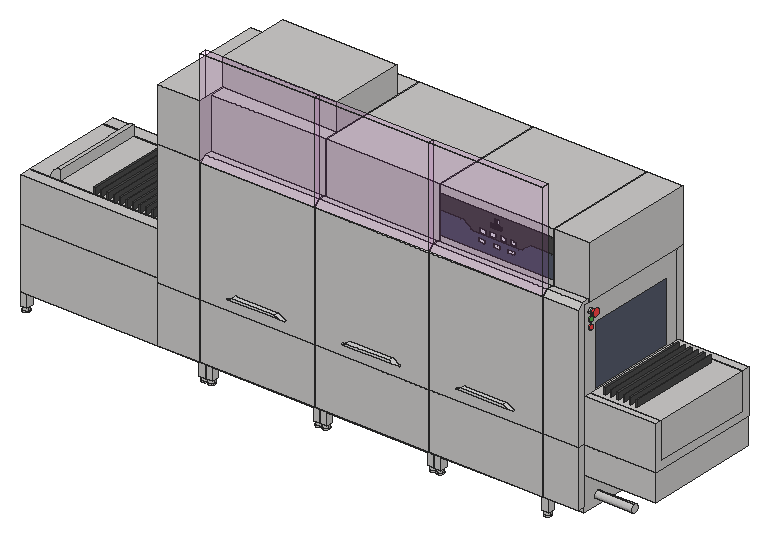
Revit family "QF_ELECTROLUXPROFESSIONAL_520706_EFTD052EL1U2D1M5R385", category Attrezzature speciali, Revit 2020
Family settings
  Quota connettore circolare = Usa diametro
  Tipo di parte = Normale
  Basato su piano di lavoro = No
  Sempre verticale = Sì
  Taglio con vuoti quando caricato = No
  Condiviso = No
  Punto di calcolo locali = No
Parameters (values of type "Standard")
  Weight = 890.00 kg
  Watts = 46500 W
  Volts = 380 V
  URL Manufacturer = "https://www.electroluxprofessional.com/"
  URL = "https://www.electroluxprofessional.com/"
  Steam Supply Size = 0 mm
  Steam Supply Minimum Pressure = 0.0 Pa
  Steam Supply Maximum Pressure = 0.0 Pa
  Steam Consumption per Hour = 0
  Show Logo [instance] = yes
  Show Clearance [instance] = yes
  Refrigeration Suction Line Size = 0 mm
  Refrigeration Liquid Line Size = 0 mm
  Refrigerant Compressor Remote = yes
  Prospetto di default = 0 mm
  Produttore = "Electrolux Professional"
  Phase = 3
  Modello = "EFTD052EL1U2D1M5R385"
  Length Actual = 4450 mm  # constant formula
  Item Number = "520706"
  Hot Water Size = 0 mm
  Height Actual = 1983 mm  # constant formula
  HP = "62.4 HP"
  Gas Size = 0 mm
  Gas KW = 0
  Gas Input Pressure = 0 W
  Direct Waste Size = 50.8 mm
  Descrizione = "FT, 1Tank, 5200D/H, El., 750mm loading, 1300mm unloading, 1Dryer, 55mm conveyor,R>L,380V50Hz3P"
  Depth Actual = 946 mm  # constant formula
  Cycle = 50 Hz
  Condensate Return Size = 0 mm
  Compressed Air Volume = 0.0 L/s
  Compressed Air Size = 0 mm
  Compressed Air Pressure = 0.0 Pa
  Cold Water Size = 0 mm
  Accessory = yes
Reference planes
  plane 1 "Centro (Fronte/Retro)": y = 0
  plane 2: z = 0
  plane 3 "Centro (Sinistra/Destra)": x = 0
  plane 4: z = 115
Forms (mm)
  Extrusion 1, solid, material "QF_Finishes_Stainless Steel"
    sketch origin (2582.404, 2, 1806.023) x (1, 0, 0) y (0, 0, 1)
      loop
        line (407.596, -163.023) -> (407.596, -183.023) -> (427.596, -183.023) -> (427.596, -163.023) -> (407.596, -163.023)
    from 0 to 2
  Extrusion 2, solid, material "QF_Finishes_Stainless Steel"
    sketch origin (-5.617, 22.464, 1290.159) x (0, 0, -1) y (0, 1, 0)
      loop
        circle (1102.159, -772.464) r 25
    from -9.383 to 5.617
  Extrusion 3, solid, material "QF_Finishes_Stainless Steel"
    sketch origin (3242.404, 2, 337.984) x (1, 0, 0) y (0, 0, 1)
      loop
        line (407.596, -163.023) -> (407.596, -183.023) -> (427.596, -183.023) -> (427.596, -163.023) -> (407.596, -163.023)
    from 0 to 2
  Extrusion 4, solid, material "QF_Finishes_Stainless Steel"
    sketch origin (647.841, 200.464, 109.383) x (1, 0, 0) y (0, 1, 0)
      loop
        circle (1102.159, -772.464) r 10
    from -9.383 to 5.617
  Extrusion 5, solid, material "QF_Finishes_Stainless Steel"
    sketch origin (718.841, 200.464, 109.383) x (1, 0, 0) y (0, 1, 0)
      loop
        circle (1102.159, -772.464) r 10
    from -9.383 to 5.617
  Extrusion 6, solid, material "QF_Finishes_Stainless Steel"
    sketch origin (4205.617, -1522.464, 1290.159) x (0, 0, -1) y (0, -1, 0)
      loop
        circle (1102.159, -772.464) r 25
    from -9.383 to 255.617
Dimensions and locks
  plane 4 to level = 115 mm
  aligned and locked: level to plane 2
Nested families
  nested 1: "MODULO_CENTER_800_FAN" at (1683.563, -388.258, 0), Show Clearance <- "Show Clearance", type "MODULO_CENTER_800_FAN"
    with Show Logo yes, Show Clearance yes, R_L no, L_R yes
  nested 2: "MODULO_CENTER_800" at (3283.563, -388.258, 0), Show Clearance <- "Show Clearance", type "MODULO_CENTER_800"
    with Show Logo yes, Show Clearance yes, R_L no, L_R yes
  nested 3: "MODULO_ENTRY_DISH_750" at (4091.437, -523.742, 0) x (-1, 0, 0) z (0, 0, 1), type "MODULO_ENTRY_DISH_750"
    with Show Logo yes, Show Clearance yes, R_L yes, L_R no
  nested 4: "MODULO_USCITA_DISH_1300" at (941.437, -523.742, 0) x (-1, 0, 0) z (0, 0, 1), type "MODULO_USCITA_DISH_1300"
    with Show Logo yes, Show Clearance yes, R_L yes, L_R no
  nested 5: "Piedino_Square_115H" at (23.5, -838.5, 0), type "Piedino_Square_115H"
  nested 6: "Piedino_Square_115H" at (23.5, -73.5, 0), type "Piedino_Square_115H"
  nested 7: "Piedino_Square_115H" at (1276.5, -838.5, 0), type "Piedino_Square_115H"
  nested 8: "Piedino_Square_115H" at (1276.5, -73.5, 0), type "Piedino_Square_115H"
  nested 9: "Piedino_Square_115H" at (1323.5, -838.5, 0), type "Piedino_Square_115H"
  nested 10: "Piedino_Square_115H" at (1323.5, -73.5, 0), type "Piedino_Square_115H"
  nested 11: "Piedino_Square_115H" at (2076.5, -838.5, 0), type "Piedino_Square_115H"
  nested 12: "Piedino_Square_115H" at (2076.5, -73.5, 0), type "Piedino_Square_115H"
  nested 13: "Piedino_Square_115H" at (2123.5, -838.5, 0) x (-1, 0, 0) z (0, 0, 1), type "Piedino_Square_115H"
  nested 14: "Piedino_Square_115H" at (2123.5, -73.5, 0) x (-1, 0, 0) z (0, 0, 1), type "Piedino_Square_115H"
  nested 15: "Piedino_Square_115H" at (2876.5, -838.5, 0) x (-1, 0, 0) z (0, 0, 1), type "Piedino_Square_115H"
  nested 16: "Piedino_Square_115H" at (2876.5, -73.5, 0) x (-1, 0, 0) z (0, 0, 1), type "Piedino_Square_115H"
  nested 17: "Piedino_Square_115H" at (2923.5, -838.5, 0), type "Piedino_Square_115H"
  nested 18: "Piedino_Square_115H" at (2923.5, -73.5, 0), type "Piedino_Square_115H"
  nested 19: "Piedino_Square_115H" at (3676.5, -838.5, 0), type "Piedino_Square_115H"
  nested 20: "Piedino_Square_115H" at (3676.5, -73.5, 0), type "Piedino_Square_115H"
  nested 21: "MANIGLIA_FLIGHT_400" at (3300, -912, 639.28) x (1, 0, 0) z (0, -1, 0), type "MANIGLIA_FLIGHT_400"
  nested 22: "MANIGLIA_FLIGHT_400" at (2500, -912, 639.28) x (1, 0, 0) z (0, -1, 0), type "MANIGLIA_FLIGHT_400"
  nested 23: "MANIGLIA_FLIGHT_400" at (1700, -912, 639.28) x (1, 0, 0) z (0, -1, 0), type "MANIGLIA_FLIGHT_400"
  nested 24: "Schermo_Flight_800" at (3300, -815, 1583) x (1, 0, 0) z (0, -1, 0), type "Schermo_Flight_800"
  nested 25: "ELX_LOGO_WORDS_WHITE" at (3300, -816.6, 1663) x (1, 0, 0) z (0, -1, 0), Show Logo <- "Show Logo", visible <- "Show Logo", type "ELX_LOGO_WORDS_WHITE"
    with Show Logo yes
  nested 26: "ELX_LOGO_MONO_SMALL_WHITE" at (3290.08, -816.6, 1649) x (-1, 0, 0) z (0, -1, 0), Show Logo <- "Show Logo", visible <- "Show Logo", type "ELX_LOGO_MONO_SMALL_WHITE"
    with Show Logo yes
  nested 27: "MODULO_CENTER_800" at (2516.437, -388.258, 0) x (-1, 0, 0) z (0, 0, 1), Show Clearance <- "Show Clearance", type "MODULO_CENTER_800"
    with Show Logo yes, Show Clearance yes, R_L no, L_R yes
Connectors
  electrical at (3000, 2, 1633)
    settings: on Extrusion 1, index 69, voltage 0 V, apparent load 0 VA, apparent load phase1 0 VA, apparent load phase2 0 VA, apparent load phase3 0 VA, power factor 1, load classification "Altro", number of poles 1, system type 30, power factor state 1, is connector primary yes, connector utility no, sub classification motor no, connector description "EI"
  piping at (-15, -750, 188), diameter 50
    settings: on Extrusion 2, index 70, connector inside diameter 609.6 mm, connector length 0 mm, flow factor 0, pipe flow 0.0 L/s, pressure drop 0.0 Pa, fitting loss kfactor 0, connector angle 0.00°, fixture units 0, engagement length 0 mm, angle of deflection 0.00°, flow configuration 0, flow direction 0, fitting loss method 0, system type 29, joint type 0, gender type 0, connector reference index -1, connector utility 0, adjustable connector no, is connector primary yes, connector description "D"
  electrical at (3660, 2, 164.961)
    settings: on Extrusion 3, index 71, voltage 0 V, apparent load 0 VA, apparent load phase1 0 VA, apparent load phase2 0 VA, apparent load phase3 0 VA, power factor 1, load classification "Altro", number of poles 1, system type 30, power factor state 1, is connector primary no, connector utility no, sub classification motor no, connector description "EQ"
  piping at (1750, -572, 100), diameter 19.1
    settings: on Extrusion 4, index 72, connector inside diameter 609.6 mm, connector length 0 mm, flow factor 0, pipe flow 0.0 L/s, pressure drop 0.0 Pa, fitting loss kfactor 0, connector angle 0.00°, fixture units 0, engagement length 0 mm, angle of deflection 0.00°, flow configuration 0, flow direction 0, fitting loss method 0, system type 29, joint type 0, gender type 0, connector reference index -1, connector utility 0, adjustable connector no, is connector primary no, connector description "HWI/CWI"
  piping at (1821, -572, 100), diameter 19.1
    settings: on Extrusion 5, index 73, connector inside diameter 609.6 mm, connector length 0 mm, flow factor 0, pipe flow 0.0 L/s, pressure drop 0.0 Pa, fitting loss kfactor 0, connector angle 0.00°, fixture units 0, engagement length 0 mm, angle of deflection 0.00°, flow configuration 0, flow direction 0, fitting loss method 0, system type 29, joint type 0, gender type 0, connector reference index -1, connector utility 0, adjustable connector no, is connector primary no, connector description "HWI/CWI"
  piping at (4215, -750, 188), diameter 50
    settings: on Extrusion 6, index 74, connector inside diameter 609.6 mm, connector length 0 mm, flow factor 0, pipe flow 0.0 L/s, pressure drop 0.0 Pa, fitting loss kfactor 0, connector angle 0.00°, fixture units 0, engagement length 0 mm, angle of deflection 0.00°, flow configuration 0, flow direction 0, fitting loss method 0, system type 29, joint type 0, gender type 0, connector reference index -1, connector utility 0, adjustable connector no, is connector primary no, connector description ""
Definition of nested family "MODULO_CENTER_800_FAN"
  Parameters (values of type "MODULO_CENTER_800_FAN")
    URL = "http://professional.electrolux.com"
    Show Logo [instance] = yes
    R_L [instance] = not(L_R)  # no
    Default Elevation = 0 mm
    Manufacturer = "Electrolux"
    Model = "ESR10E5"
    Length Actual = 800 mm
    Show Clearance [instance] = yes
    L_R [instance] = yes
    Height Actual = 1792 mm
    Description = "SINGLE RINSE RT, 100R/H, ELECTRIC 50HZ"
    Depth Actual = 912 mm
  Reference planes
    plane 1 "Center X": y = -67.742
    plane 2: z = 0
    plane 3 "LEFT": x = -383.563
    plane 4 "RIGHT": x = 416.437
    plane 5 "BACK": y = 388.258
    plane 6 "FEET": z = 115
    plane 7: z = 2092
    plane 8 "TOP": z = 1792
    plane 9 "FRONT": y = -523.742
    plane 10 "Left/Right": x = 16.437
    plane 11 "TopVent": z = 1983
  Forms (mm)
    Extrusion 1, solid
      sketch origin (416.437, 479.936, 4000) x (0, 1, 0) y (0, 0, 1)
        loop
          line (-91.678, -2208) -> (-906.678, -2208) -> (-906.678, -2580) -> (-91.678, -2580) -> (-91.678, -2208)
      from -800 to 0
    Extrusion 2, solid
      sketch origin (-383.563, 437.565, 3910) x (0, 1, 0) y (0, 0, 1)
        loop
          line (-99.307, -2490) -> (-911.307, -2490) -> (-911.307, -3552) -> (-99.307, -3552) -> (-99.307, -2490)
      from 800 to 0
    Extrusion 3, solid
      sketch origin (416.437, 479.936, 4299) x (0, 1, 0) y (0, 0, 1)
        loop
          line (-278.21, -2316) -> (-803.678, -2316) -> (-803.678, -2507) -> (-278.21, -2507) -> (-278.21, -2316)
      from -800 to 0
    Extrusion 4, solid
      sketch origin (16.437, 0, 1.5) x (0, 0, 1) y (0, -1, 0)
        loop
          line (356.5, -338.258) -> (356.5, 473.742) -> (113.5, 473.742) -> (113.5, -338.258) -> (356.5, -338.258)
      from 400 to -400
    Extrusion 5, solid
      sketch origin (16.437, 0, 0) x (0, 0, 1) y (0, -1, 0)
        loop
          line (1420, -338.258) -> (545, -338.258) -> (545, -388.258) -> (1420, -388.258) -> (1420, -338.258)
      from -400 to 400
    Extrusion 6, solid
      sketch origin (16.437, 0, 0) x (0, 0, 1) y (0, -1, 0)
        loop
          line (545, -388.258) -> (545, -338.258) -> (154, -338.258) -> (154, -388.258) -> (545, -388.258)
      from -400 to 400
    Extrusion 7, solid
      sketch origin (16.437, -882.484, -150) x (0, -1, 0) y (0, 0, 1)
        loop
          line (-358.742, 304) -> (-358.742, 695) -> (-408.742, 695) -> (-408.742, 304) -> (-358.742, 304)
      from -400 to 400
    Extrusion 8, solid
      sketch origin (16.437, -882.484, -151) x (0, -1, 0) y (0, 0, 1)
        loop
          line (-408.742, 1571) -> (-408.742, 696) -> (-358.742, 696) -> (-358.742, 1556) -> (-395.742, 1593) -> (-443.742, 1593) -> (-443.742, 1571) -> (-408.742, 1571)
      from -400 to 400
    Extrusion 9, solid, visible <- "Show Clearance"
      sketch origin (16.437, -882.484, 452) x (0, -1, 0) y (0, 0, 1)
        loop
          line (-408.742, 1640) -> (-408.742, 953.624) -> (-358.742, 953.624) -> (-358.742, 1640) -> (-408.742, 1640)
      from -400 to 400
  Dimensions and locks
    plane 3 "LEFT" to plane 4 "RIGHT" = 800 mm
    plane 5 "BACK" to plane 1 "Center X" to plane 9 "FRONT" = 456 mm, 456 mm
    plane 6 "FEET" to level = 115 mm  (x2)
    plane 6 "FEET" to plane 8 "TOP" = 1677 mm
    plane 5 "BACK" to plane 9 "FRONT" = 912 mm  (x2)
    plane 4 "RIGHT" to plane 3 "LEFT" = 800 mm
    plane 9 "FRONT" to plane 5 "BACK" = 912 mm
    level to plane 8 "TOP" = 1792 mm  (x2)
    plane 7 to level = 2092 mm
    plane 11 "TopVent" to plane 2 = 1983 mm
    plane 7 to plane 2 = 2092 mm
    Extrusion 2 to level = 1420 mm
    Extrusion 8 to level = 1442 mm
    plane 11 "TopVent" to level = 1983 mm
    aligned and locked: level to plane 2
Definition of nested family "MODULO_CENTER_800"
  Parameters (values of type "MODULO_CENTER_800")
    URL = "http://professional.electrolux.com"
    Show Logo [instance] = yes
    R_L [instance] = not(L_R)  # no
    Default Elevation = 0 mm
    Manufacturer = "Electrolux"
    Model = "ESR10E5"
    Length Actual = 800 mm
    Show Clearance [instance] = yes
    L_R [instance] = yes
    Height Actual = 1792 mm
    Description = "SINGLE RINSE RT, 100R/H, ELECTRIC 50HZ"
    Depth Actual = 912 mm
  Reference planes
    plane 1 "Center X": y = -67.742
    plane 2: z = 0
    plane 3 "LEFT": x = -383.563
    plane 4 "RIGHT": x = 416.437
    plane 5 "BACK": y = 388.258
    plane 6 "FEET": z = 115
    plane 7: z = 2092
    plane 8 "TOP": z = 1792
    plane 9 "FRONT": y = -523.742
    plane 10 "Left/Right": x = 16.437
  Forms (mm)
    Extrusion 1, solid
      sketch origin (416.437, 479.936, 4000) x (0, 1, 0) y (0, 0, 1)
        loop
          line (-91.678, -2208) -> (-906.678, -2208) -> (-906.678, -2580) -> (-91.678, -2580) -> (-91.678, -2208)
      from -800 to 0
    Extrusion 2, solid
      sketch origin (-383.563, 437.565, 3915) x (0, 1, 0) y (0, 0, 1)
        loop
          line (-99.307, -2495) -> (-911.307, -2495) -> (-911.307, -3557) -> (-99.307, -3557) -> (-99.307, -2495)
      from 800 to 0
    Extrusion 3, solid
      sketch origin (16.437, 0, 1.5) x (0, 0, 1) y (0, -1, 0)
        loop
          line (356.5, -338.258) -> (356.5, 473.742) -> (113.5, 473.742) -> (113.5, -338.258) -> (356.5, -338.258)
      from 400 to -400
    Extrusion 4, solid
      sketch origin (16.437, 0, 0) x (0, 0, 1) y (0, -1, 0)
        loop
          line (1420, -338.258) -> (545, -338.258) -> (545, -388.258) -> (1420, -388.258) -> (1420, -338.258)
      from -400 to 400
    Extrusion 5, solid
      sketch origin (16.437, 0, 0) x (0, 0, 1) y (0, -1, 0)
        loop
          line (545, -388.258) -> (545, -338.258) -> (154, -338.258) -> (154, -388.258) -> (545, -388.258)
      from -400 to 400
    Extrusion 6, solid
      sketch origin (16.437, -882.484, -150) x (0, -1, 0) y (0, 0, 1)
        loop
          line (-358.742, 304) -> (-358.742, 695) -> (-408.742, 695) -> (-408.742, 304) -> (-358.742, 304)
      from -400 to 400
    Extrusion 7, solid
      sketch origin (16.437, -882.484, -151) x (0, -1, 0) y (0, 0, 1)
        loop
          line (-408.742, 1571) -> (-408.742, 696) -> (-358.742, 696) -> (-358.742, 1556) -> (-395.742, 1593) -> (-443.742, 1593) -> (-443.742, 1571) -> (-408.742, 1571)
      from -400 to 400
    Extrusion 8, solid, visible <- "Show Clearance"
      sketch origin (16.437, -882.484, 452) x (0, -1, 0) y (0, 0, 1)
        loop
          line (-408.742, 1640) -> (-408.742, 953.624) -> (-358.742, 953.624) -> (-358.742, 1640) -> (-408.742, 1640)
      from -400 to 400
  Dimensions and locks
    plane 3 "LEFT" to plane 4 "RIGHT" = 800 mm
    plane 5 "BACK" to plane 1 "Center X" to plane 9 "FRONT" = 456 mm, 456 mm
    plane 6 "FEET" to level = 115 mm  (x2)
    plane 6 "FEET" to plane 8 "TOP" = 1677 mm
    plane 5 "BACK" to plane 9 "FRONT" = 912 mm  (x2)
    plane 4 "RIGHT" to plane 3 "LEFT" = 800 mm
    plane 9 "FRONT" to plane 5 "BACK" = 912 mm
    level to plane 8 "TOP" = 1792 mm  (x2)
    plane 7 to level = 2092 mm
    plane 7 to plane 2 = 2092 mm
    Extrusion 2 to level = 1420 mm
    Extrusion 7 to level = 1442 mm
    aligned and locked: level to plane 2
Definition of nested family "MODULO_ENTRY_DISH_750"
  Parameters (values of type "MODULO_ENTRY_DISH_750")
    URL = "http://professional.electrolux.com"
    Show Logo [instance] = yes
    R_L [instance] = not(L_R)  # no
    Default Elevation = 0 mm
    Manufacturer = "Electrolux"
    Model = "ESR10E5"
    Length Actual = 800 mm
    Show Clearance [instance] = yes
    L_R [instance] = yes
    Height Actual = 1792 mm
    Description = "SINGLE RINSE RT, 100R/H, ELECTRIC 50HZ"
    Depth Actual = 912 mm
  Reference planes
    plane 1 "Center (Front/Back)": y = -67.742
    plane 2: z = 0
    plane 3 "LEFT": x = -358.563
    plane 4 "RIGHT": x = 391.437
    plane 5 "BACK": y = 388.258
    plane 6 "FRONT": y = -523.742
    plane 7 "Left/Right": x = 16.437
    plane 8 "BUTTONS": y = -427.742
    plane 9: z = 115
    plane 10 "2": y = 292.258
  Forms (mm)
    Extrusion 1, solid, visible <- "L_R"
      sketch origin (391.437, 479.936, 4000) x (0, 1, 0) y (0, 0, 1)
        loop
          line (-91.678, -2208) -> (-906.678, -2208) -> (-906.678, -2580) -> (-91.678, -2580) -> (-91.678, -2208)
      from -250 to 0
    Extrusion 2, solid
      sketch origin (-358.563, 437.565, 3910) x (0, 1, 0) y (0, 0, 1)
        loop
          line (-99.307, -2490) -> (-911.307, -2490) -> (-911.307, -3552) -> (-99.307, -3552) -> (-99.307, -2490)
      from 750 to 500
    Extrusion 3, solid
      sketch origin (-358.563, 437.565, 3910) x (0, 1, 0) y (0, 0, 1)
        loop
          line (-99.307, -3365) -> (-99.307, -3060) -> (-149.307, -3060) -> (-149.307, -3315) -> (-861.307, -3315) -> (-861.307, -3060) -> (-911.307, -3060) -> (-911.307, -3365) -> (-99.307, -3365)
      from 500 to 0
    Extrusion 4, solid
      sketch origin (16.437, 0, -4.987) x (0, 0, 1) y (0, -1, 0)
        loop
          line (362.987, -338.258) -> (362.987, 473.742) -> (119.987, 473.742) -> (119.987, -338.258) -> (362.987, -338.258)
      from 375 to 125
    Extrusion 5, solid, visible <- "L_R"
      sketch origin (16.437, 0, 0) x (0, 0, 1) y (0, -1, 0)
        loop
          line (1420, -338.258) -> (545, -338.258) -> (545, -388.258) -> (1420, -388.258) -> (1420, -338.258)
      from 125 to 375
    Extrusion 6, solid
      sketch origin (16.437, 0, 0) x (0, 0, 1) y (0, -1, 0)
        loop
          line (545, -388.258) -> (545, -338.258) -> (154, -338.258) -> (154, -388.258) -> (545, -388.258)
      from 125 to 375
    Extrusion 7, solid
      sketch origin (-358.563, 437.565, 3607.258) x (0, 1, 0) y (0, 0, 1)
        loop
          line (-99.307, -3249.258) -> (-99.307, -3062.258) -> (-911.307, -3062.258) -> (-911.307, -3249.258) -> (-99.307, -3249.258)
      from 500 to 0
    Extrusion 8, solid
      sketch origin (-358.563, 437.565, 4000) x (0, 1, 0) y (0, 0, 1)
        loop
          line (-149.307, -3150) -> (-861.307, -3150) -> (-861.307, -3405) -> (-149.307, -3405) -> (-149.307, -3150)
      from 0 to 500
    Extrusion 9, solid
      sketch origin (266.437, -882.484, -150) x (0, -1, 0) y (0, 0, 1)
        loop
          line (-358.742, 304) -> (-358.742, 695) -> (-408.742, 695) -> (-408.742, 304) -> (-358.742, 304)
      from -125 to 125
    Extrusion 10, solid, visible <- "L_R"
      sketch origin (266.437, -882.484, -151) x (0, -1, 0) y (0, 0, 1)
        loop
          line (-408.742, 1571) -> (-408.742, 696) -> (-358.742, 696) -> (-358.742, 1556) -> (-395.742, 1593) -> (-443.742, 1593) -> (-443.742, 1571) -> (-408.742, 1571)
      from -125 to 125
    Extrusion 11, solid
      sketch origin (-358.563, 437.565, 4000) x (0, 1, 0) y (0, 0, 1)
        loop
          line (-199.307, -2725.701) -> (-811.307, -2725.701) -> (-811.307, -3137.701) -> (-199.307, -3137.701) -> (-199.307, -2725.701)
      from 495.458 to 500
    Extrusion 12, solid, visible <- "R_L"
      sketch origin (266.437, 747, -151) x (0, 1, 0) y (0, 0, -1)
        loop
          line (-408.742, -1571) -> (-443.742, -1571) -> (-443.742, -1593) -> (-395.742, -1593) -> (-358.742, -1556) -> (-358.742, -696) -> (-408.742, -696) -> (-408.742, -1571)
      from -125 to 125
    Extrusion 13, solid, visible <- "R_L"
      sketch origin (16.437, -135.484, 0) x (0, 0, 1) y (0, -1, 0)
        loop
          line (1420, 338.258) -> (1420, 388.258) -> (545, 388.258) -> (545, 338.258) -> (1420, 338.258)
      from 125 to 375
    Extrusion 14, solid, visible <- "R_L"
      sketch origin (391.437, -615.42, 4000) x (0, -1, 0) y (0, 0, -1)
        loop
          line (-91.678, 2208) -> (-91.678, 2580) -> (-906.678, 2580) -> (-906.678, 2208) -> (-91.678, 2208)
      from -250 to 0
    Extrusion 15, solid
      sketch origin (-191.477, -192.742, -3) x (-1, 0, 0) y (0, 0, 1)
        loop
          line (-26.676, 853) -> (-26.676, 898) -> (-36.676, 898) -> (-36.676, 853) -> (-26.676, 853)
      from -196 to 446
    Extrusion 16, solid
      sketch origin (-146.477, -192.742, -3) x (-1, 0, 0) y (0, 0, 1)
        loop
          line (-26.676, 853) -> (-26.676, 898) -> (-36.676, 898) -> (-36.676, 853) -> (-26.676, 853)
      from -196 to 446
    Extrusion 17, solid
      sketch origin (-101.477, -192.742, -3) x (-1, 0, 0) y (0, 0, 1)
        loop
          line (-26.676, 853) -> (-26.676, 898) -> (-36.676, 898) -> (-36.676, 853) -> (-26.676, 853)
      from -196 to 446
    Extrusion 18, solid
      sketch origin (-56.477, -192.742, -3) x (-1, 0, 0) y (0, 0, 1)
        loop
          line (-26.676, 853) -> (-26.676, 898) -> (-36.676, 898) -> (-36.676, 853) -> (-26.676, 853)
      from -196 to 446
    Extrusion 19, solid
      sketch origin (-11.477, -192.742, -3) x (-1, 0, 0) y (0, 0, 1)
        loop
          line (-26.676, 853) -> (-26.676, 898) -> (-36.676, 898) -> (-36.676, 853) -> (-26.676, 853)
      from -196 to 446
    Extrusion 20, solid
      sketch origin (33.523, -192.742, -3) x (-1, 0, 0) y (0, 0, 1)
        loop
          line (-26.676, 853) -> (-26.676, 898) -> (-36.676, 898) -> (-36.676, 853) -> (-26.676, 853)
      from -196 to 446
  Dimensions and locks
    plane 3 "LEFT" to plane 4 "RIGHT" = 750 mm
    plane 5 "BACK" to plane 1 "Center (Front/Back)" to plane 6 "FRONT" = 456 mm, 456 mm
    plane 5 "BACK" to plane 6 "FRONT" = 912 mm  (x2)
    plane 4 "RIGHT" to plane 3 "LEFT" = 750 mm  (x2)
    plane 6 "FRONT" to plane 5 "BACK" = 912 mm
    plane 9 to level = 115 mm
    Extrusion 1 to level = 1792 mm
    Extrusion 3 to level = 850 mm
    aligned and locked: level to plane 2
  Nested families
    nested 1: "BOTTONE_RED_STOP" at (141.437, -427.742, 1266.906) x (0, -1, 0) z (-1, 0, 0), visible <- "L_R", type "BOTTONE_RED_STOP"
    nested 2: "BOTTONE_EMERGENCY_STOP" at (141.437, -427.742, 1370) x (0, -1, 0) z (-1, 0, 0), visible <- "L_R", type "BOTTONE_EMERGENCY_STOP"
    nested 3: "BOTTONE_GREEN_START" at (141.437, -427.742, 1316.906) x (0, -1, 0) z (-1, 0, 0), visible <- "L_R", type "BOTTONE_GREEN_START"
    nested 4: "BOTTONE_RED_STOP" at (141.437, 292.258, 1267.906) x (0, 1, 0) z (-1, 0, 0), visible <- "R_L", type "BOTTONE_RED_STOP"
    nested 5: "BOTTONE_EMERGENCY_STOP" at (141.437, 292.258, 1371) x (0, 1, 0) z (-1, 0, 0), visible <- "R_L", type "BOTTONE_EMERGENCY_STOP"
    nested 6: "BOTTONE_GREEN_START" at (141.437, 292.258, 1317.906) x (0, 1, 0) z (-1, 0, 0), visible <- "R_L", type "BOTTONE_GREEN_START"
  Definition of nested family "BOTTONE_RED_STOP"
    Parameters (values of type "BOTTONE_RED_STOP")
      Default Elevation = 1219.2 mm
    Reference planes
      plane 1 "Centro (Fronte/Retro)": y = 0
      plane 2: z = 0
      plane 3 "Centro (Sinistra/Destra)": x = 0
    Forms (mm)
      Extrusion 1, solid
        sketch origin (0, 0, 0) x (1, 0, 0) y (0, 1, 0)
          loop
            line (-1219.2, 1219.2) -> (-1219.2, -1219.2) -> (1219.2, -1219.2) -> (1219.2, 1219.2) -> (-1219.2, 1219.2)
        from 0 to -304.8
      Extrusion 2, solid
        sketch origin (-367.513, 69.533, 15) x (-1, 0, 0) y (0, 1, 0)
          loop
            circle (-367.513, -69.533) r 15
        from 0 to 15
    Dimensions and locks
      aligned and locked: plane 2 to Extrusion 1
      aligned and locked: level to Extrusion 1
  Definition of nested family "BOTTONE_EMERGENCY_STOP"
    Parameters
      Default Elevation = 1219.2 mm
    Reference planes
      plane 1 "Centro (Fronte/Retro)": y = 0
      plane 2: z = 0
      plane 3 "Centro (Sinistra/Destra)": x = 0
    Forms (mm)
      Extrusion 1, solid
        sketch origin (0, 0, 0) x (1, 0, 0) y (0, 1, 0)
          loop
            line (-1219.2, 1219.2) -> (-1219.2, -1219.2) -> (1219.2, -1219.2) -> (1219.2, 1219.2) -> (-1219.2, 1219.2)
        from 0 to -304.8
      Extrusion 2, solid
        sketch origin (0, 0, 0) x (1, 0, 0) y (0, 1, 0)
          loop
            circle (0, 0) r 15
        from 0 to 20.273
      Blend 3, solid
        base sketch origin (-49.801, 0, 0) x (1, 0, 0) y (0, 1, 0)
          loop
            circle (49.801, 0) r 15
        top sketch origin (-49.801, 0, 0) x (1, 0, 0) y (0, 1, 0)
          loop
            circle (49.801, 0) r 25
        from 20.273 to 47.605
    Dimensions and locks
      aligned and locked: plane 2 to Extrusion 1
      aligned and locked: level to Extrusion 1
  Definition of nested family "BOTTONE_GREEN_START"
    Parameters (values of type "BOTTONE_GREEN_START")
      Default Elevation = 1219.2 mm
    Reference planes
      plane 1 "Centro (Fronte/Retro)": y = 0
      plane 2: z = 0
      plane 3 "Centro (Sinistra/Destra)": x = 0
    Forms (mm)
      Extrusion 1, solid
        sketch origin (0, 0, 0) x (1, 0, 0) y (0, 1, 0)
          loop
            line (-1219.2, 1219.2) -> (-1219.2, -1219.2) -> (1219.2, -1219.2) -> (1219.2, 1219.2) -> (-1219.2, 1219.2)
        from 0 to -304.8
      Extrusion 2, solid
        sketch origin (-367.513, 69.533, 15) x (-1, 0, 0) y (0, 1, 0)
          loop
            circle (-367.513, -69.533) r 15
        from 0 to 15
    Dimensions and locks
      aligned and locked: plane 2 to Extrusion 1
      aligned and locked: level to Extrusion 1
Definition of nested family "MODULO_USCITA_DISH_1300"
  Parameters (values of type "MODULO_USCITA_DISH_1300")
    URL = "http://professional.electrolux.com"
    Show Logo [instance] = yes
    R_L [instance] = not(L_R)  # yes
    Default Elevation = 0 mm
    Manufacturer = "Electrolux"
    Model = "ESR10E5"
    Length Actual = 800 mm
    Show Clearance [instance] = yes
    L_R [instance] = no
    Height Actual = 1792 mm
    Description = "SINGLE RINSE RT, 100R/H, ELECTRIC 50HZ"
    Depth Actual = 912 mm
  Reference planes
    plane 1 "Center (Front/Back)": y = -67.742
    plane 2: z = 0
    plane 3 "LEFT": x = -358.563
    plane 4 "BACK": y = 388.258
    plane 5 "FEET": z = 115
    plane 6 "TOP": z = 1792
    plane 7 "FRONT": y = -523.742
    plane 8 "Left/Right": x = 16.437
    plane 9: x = -358.563
    plane 10: y = -427.742
    plane 11 "RIGHT": x = 941.437
  Forms (mm)
    Extrusion 1, solid, visible <- "R_L"
      sketch origin (-358.563, 479.936, 4003) x (0, 1, 0) y (0, 0, -1)
        loop
          line (-91.678, 2211) -> (-91.678, 2583) -> (-906.678, 2583) -> (-906.678, 2211) -> (-91.678, 2211)
      from -300 to 0
    Extrusion 2, solid
      sketch origin (-358.563, 437.565, 4003) x (0, 1, 0) y (0, 0, 1)
        loop
          line (-99.307, -3458) -> (-911.307, -3458) -> (-911.307, -3888) -> (-99.307, -3888) -> (-99.307, -3458)
      from 300 to 0
    Extrusion 3, solid
      sketch origin (-358.563, 479.936, 4003) x (0, 1, 0) y (0, 0, -1)
        loop
          line (-141.678, 2583) -> (-141.678, 3458) -> (-953.678, 3458) -> (-953.678, 2583) -> (-141.678, 2583)
      from -300 to 0
    Extrusion 4, solid
      sketch origin (391.437, 437.565, 3913) x (0, 1, 0) y (0, 0, -1)
        loop
          line (-99.307, 3368) -> (-911.307, 3368) -> (-911.307, 3063) -> (-826.307, 3063) -> (-826.307, 3318) -> (-184.307, 3318) -> (-184.307, 3063) -> (-99.307, 3063) -> (-99.307, 3368)
      from 450 to -550
    Extrusion 5, solid, visible <- "R_L"
      sketch origin (16.437, 0, 3) x (0, 0, 1) y (0, 1, 0)
        loop
          line (1417, 338.258) -> (1417, 388.258) -> (542, 388.258) -> (542, 338.258) -> (1417, 338.258)
      from 75 to 375
    Extrusion 6, solid
      sketch origin (16.437, 0, 3) x (0, 0, 1) y (0, 1, 0)
        loop
          line (542, 388.258) -> (151, 388.258) -> (151, 338.258) -> (542, 338.258) -> (542, 388.258)
      from 75 to 375
    Extrusion 7, solid
      sketch origin (391.437, 437.565, 3610.258) x (0, 1, 0) y (0, 0, -1)
        loop
          line (-99.307, 3495.258) -> (-911.307, 3495.258) -> (-911.307, 3065.258) -> (-99.307, 3065.258) -> (-99.307, 3495.258)
      from 450 to -550
    Extrusion 8, solid
      sketch origin (991.437, 0, 3) x (0, 1, 0) y (0, 0, 1)
        loop
          line (253.258, 847) -> (-388.742, 847) -> (-388.742, 592) -> (253.258, 592) -> (253.258, 847)
      from -50 to -1050
    Extrusion 9, solid
      sketch origin (-358.563, 437.565, 3928) x (0, 1, 0) y (0, 0, 1)
        loop
          line (-811.307, -3065.701) -> (-199.307, -3065.701) -> (-199.307, -2653.701) -> (-811.307, -2653.701) -> (-811.307, -3065.701)
      from 300 to 304.77
    Extrusion 10, solid
      sketch origin (-208.563, -115, -147) x (0, 1, 0) y (0, 0, 1)
        loop
          line (-358.742, 301) -> (-358.742, 692) -> (-408.742, 692) -> (-408.742, 301) -> (-358.742, 301)
      from -150 to 150
    Extrusion 11, solid, visible <- "R_L"
      sketch origin (-208.563, -882.484, -151) x (0, -1, 0) y (0, 0, 1)
        loop
          line (-408.742, 1571) -> (-408.742, 696) -> (-358.742, 696) -> (-358.742, 1556) -> (-395.742, 1593) -> (-443.742, 1593) -> (-443.742, 1571) -> (-408.742, 1571)
      from -150 to 150
    Extrusion 12, solid
      sketch origin (-39.574, -192.742, -3) x (-1, 0, 0) y (0, 0, 1)
        loop
          line (-26.676, 853) -> (-26.676, 898) -> (-36.676, 898) -> (-36.676, 853) -> (-26.676, 853)
      from -196 to 446
    Extrusion 13, solid
      sketch origin (5.426, -192.742, -3) x (-1, 0, 0) y (0, 0, 1)
        loop
          line (-26.676, 853) -> (-26.676, 898) -> (-36.676, 898) -> (-36.676, 853) -> (-26.676, 853)
      from -196 to 446
    Extrusion 14, solid
      sketch origin (50.426, -192.742, -3) x (-1, 0, 0) y (0, 0, 1)
        loop
          line (-26.676, 853) -> (-26.676, 898) -> (-36.676, 898) -> (-36.676, 853) -> (-26.676, 853)
      from -196 to 446
    Extrusion 15, solid
      sketch origin (95.426, -192.742, -3) x (-1, 0, 0) y (0, 0, 1)
        loop
          line (-26.676, 853) -> (-26.676, 898) -> (-36.676, 898) -> (-36.676, 853) -> (-26.676, 853)
      from -196 to 446
    Extrusion 16, solid
      sketch origin (140.426, -192.742, -3) x (-1, 0, 0) y (0, 0, 1)
        loop
          line (-26.676, 853) -> (-26.676, 898) -> (-36.676, 898) -> (-36.676, 853) -> (-26.676, 853)
      from -196 to 446
    Extrusion 17, solid
      sketch origin (185.426, -192.742, -3) x (-1, 0, 0) y (0, 0, 1)
        loop
          line (-26.676, 853) -> (-26.676, 898) -> (-36.676, 898) -> (-36.676, 853) -> (-26.676, 853)
      from -196 to 446
    Extrusion 18, solid
      sketch origin (230.426, -192.742, -3) x (-1, 0, 0) y (0, 0, 1)
        loop
          line (-26.676, 853) -> (-26.676, 898) -> (-36.676, 898) -> (-36.676, 853) -> (-26.676, 853)
      from -196 to 446
    Extrusion 19, solid
      sketch origin (275.426, -192.742, -3) x (-1, 0, 0) y (0, 0, 1)
        loop
          line (-26.676, 853) -> (-26.676, 898) -> (-36.676, 898) -> (-36.676, 853) -> (-26.676, 853)
      from -196 to 446
    Revolve 20, solid
      sketch origin (295, 0, 850) x (1, 0, 0) y (0, 1, 0)
        loop
          line (430.204, 253.258) -> (430.204, -388.742) -> (502.335, -388.742) -> (502.335, 253.258) -> (430.204, 253.258)
        axis (430.204, 253.258) -> (430.204, -388.742)
      angle from 0 to -90
    Extrusion 21, solid, visible <- "L_R"
      sketch origin (-208.563, 747, -151) x (0, 1, 0) y (0, 0, -1)
        loop
          line (-408.742, -1571) -> (-443.742, -1571) -> (-443.742, -1593) -> (-395.742, -1593) -> (-358.742, -1556) -> (-358.742, -696) -> (-408.742, -696) -> (-408.742, -1571)
      from -150 to 150
    Extrusion 22, solid, visible <- "L_R"
      sketch origin (16.437, -135.484, 3) x (0, 0, 1) y (0, 1, 0)
        loop
          line (1417, -338.258) -> (542, -338.258) -> (542, -388.258) -> (1417, -388.258) -> (1417, -338.258)
      from 75 to 375
    Extrusion 23, solid, visible <- "L_R"
      sketch origin (-358.563, -615.42, 4003) x (0, -1, 0) y (0, 0, 1)
        loop
          line (-91.678, -2211) -> (-906.678, -2211) -> (-906.678, -2583) -> (-91.678, -2583) -> (-91.678, -2211)
      from -300 to 0
    Extrusion 24, solid
      sketch origin (320.426, -192.742, -3) x (-1, 0, 0) y (0, 0, 1)
        loop
          line (-26.676, 853) -> (-26.676, 898) -> (-36.676, 898) -> (-36.676, 853) -> (-26.676, 853)
      from -196 to 446
    Extrusion 25, solid
      sketch origin (365.426, -192.742, -3) x (-1, 0, 0) y (0, 0, 1)
        loop
          line (-26.676, 853) -> (-26.676, 898) -> (-36.676, 898) -> (-36.676, 853) -> (-26.676, 853)
      from -196 to 446
    Extrusion 26, solid
      sketch origin (410.426, -192.742, -3) x (-1, 0, 0) y (0, 0, 1)
        loop
          line (-26.676, 853) -> (-26.676, 898) -> (-36.676, 898) -> (-36.676, 853) -> (-26.676, 853)
      from -196 to 446
    Extrusion 27, solid
      sketch origin (455.426, -192.742, -3) x (-1, 0, 0) y (0, 0, 1)
        loop
          line (-26.676, 853) -> (-26.676, 898) -> (-36.676, 898) -> (-36.676, 853) -> (-26.676, 853)
      from -196 to 446
  Dimensions and locks
    plane 4 "BACK" to plane 1 "Center (Front/Back)" to plane 7 "FRONT" = 456 mm, 456 mm
    plane 5 "FEET" to level = 115 mm  (x2)
    plane 4 "BACK" to plane 7 "FRONT" = 912 mm  (x2)
    plane 7 "FRONT" to plane 4 "BACK" = 912 mm
    level to plane 6 "TOP" = 1792 mm
    plane 3 "LEFT" to plane 8 "Left/Right" = 375 mm
    plane 8 "Left/Right" to plane 11 "RIGHT" = 925 mm
    plane 3 "LEFT" to plane 11 "RIGHT" = 1300 mm
    plane 9 to plane 11 "RIGHT" = 1300 mm
    plane 6 "TOP" to level = 1792 mm
    aligned and locked: level to plane 2
  Nested families
    nested 1: "BOTTONE_EMERGENCY_STOP" at (-58.563, -427.742, 1369) x (0, -1, 0) z (1, 0, 0), visible <- "R_L", type "BOTTONE_EMERGENCY_STOP"
    nested 2: "BOTTONE_GREEN_START" at (-58.563, -427.742, 1315.906) x (0, -1, 0) z (1, 0, 0), visible <- "R_L", type "BOTTONE_GREEN_START"
    nested 3: "BOTTONE_RED_STOP" at (-58.563, -427.742, 1265.906) x (0, -1, 0) z (1, 0, 0), visible <- "R_L", type "BOTTONE_RED_STOP"
    nested 4: "BOTTONE_EMERGENCY_STOP" at (-58.563, 292.258, 1369) x (0, 1, 0) z (1, 0, 0), visible <- "L_R", type "BOTTONE_EMERGENCY_STOP"
    nested 5: "BOTTONE_GREEN_START" at (-58.563, 292.258, 1315.906) x (0, 1, 0) z (1, 0, 0), visible <- "L_R", type "BOTTONE_GREEN_START"
    nested 6: "BOTTONE_RED_STOP" at (-58.563, 292.258, 1265.906) x (0, 1, 0) z (1, 0, 0), visible <- "L_R", type "BOTTONE_RED_STOP"
  Definition of nested family "BOTTONE_EMERGENCY_STOP"
    Parameters
      Default Elevation = 1219.2 mm
    Reference planes
      plane 1 "Centro (Fronte/Retro)": y = 0
      plane 2: z = 0
      plane 3 "Centro (Sinistra/Destra)": x = 0
    Forms (mm)
      Extrusion 1, solid
        sketch origin (0, 0, 0) x (1, 0, 0) y (0, 1, 0)
          loop
            line (-1219.2, 1219.2) -> (-1219.2, -1219.2) -> (1219.2, -1219.2) -> (1219.2, 1219.2) -> (-1219.2, 1219.2)
        from 0 to -304.8
      Extrusion 2, solid
        sketch origin (0, 0, 0) x (1, 0, 0) y (0, 1, 0)
          loop
            circle (0, 0) r 15
        from 0 to 20.273
      Blend 3, solid
        base sketch origin (-49.801, 0, 0) x (1, 0, 0) y (0, 1, 0)
          loop
            circle (49.801, 0) r 15
        top sketch origin (-49.801, 0, 0) x (1, 0, 0) y (0, 1, 0)
          loop
            circle (49.801, 0) r 25
        from 20.273 to 47.605
    Dimensions and locks
      aligned and locked: plane 2 to Extrusion 1
      aligned and locked: level to Extrusion 1
  Definition of nested family "BOTTONE_GREEN_START"
    Parameters (values of type "BOTTONE_GREEN_START")
      Default Elevation = 1219.2 mm
    Reference planes
      plane 1 "Centro (Fronte/Retro)": y = 0
      plane 2: z = 0
      plane 3 "Centro (Sinistra/Destra)": x = 0
    Forms (mm)
      Extrusion 1, solid
        sketch origin (0, 0, 0) x (1, 0, 0) y (0, 1, 0)
          loop
            line (-1219.2, 1219.2) -> (-1219.2, -1219.2) -> (1219.2, -1219.2) -> (1219.2, 1219.2) -> (-1219.2, 1219.2)
        from 0 to -304.8
      Extrusion 2, solid
        sketch origin (-367.513, 69.533, 15) x (-1, 0, 0) y (0, 1, 0)
          loop
            circle (-367.513, -69.533) r 15
        from 0 to 15
    Dimensions and locks
      aligned and locked: plane 2 to Extrusion 1
      aligned and locked: level to Extrusion 1
  Definition of nested family "BOTTONE_RED_STOP"
    Parameters (values of type "BOTTONE_RED_STOP")
      Default Elevation = 1219.2 mm
    Reference planes
      plane 1 "Centro (Fronte/Retro)": y = 0
      plane 2: z = 0
      plane 3 "Centro (Sinistra/Destra)": x = 0
    Forms (mm)
      Extrusion 1, solid
        sketch origin (0, 0, 0) x (1, 0, 0) y (0, 1, 0)
          loop
            line (-1219.2, 1219.2) -> (-1219.2, -1219.2) -> (1219.2, -1219.2) -> (1219.2, 1219.2) -> (-1219.2, 1219.2)
        from 0 to -304.8
      Extrusion 2, solid
        sketch origin (-367.513, 69.533, 15) x (-1, 0, 0) y (0, 1, 0)
          loop
            circle (-367.513, -69.533) r 15
        from 0 to 15
    Dimensions and locks
      aligned and locked: plane 2 to Extrusion 1
      aligned and locked: level to Extrusion 1
Definition of nested family "Piedino_Square_115H"
  Parameters (values of type "Piedino_Square_115H")
    Default Elevation = 0 mm
  Reference planes
    plane 1 "Centro (Fronte/Retro)": y = 0
    plane 2: z = 0
    plane 3 "Centro (Sinistra/Destra)": x = 0
    plane 4: z = 115
  Forms (mm)
    Extrusion 1, solid
      sketch origin (0, 0, 0) x (1, 0, 0) y (0, 1, 0)
        loop
          circle (0, 0) r 23
      from 0 to 5
    Extrusion 2, solid
      sketch origin (0, 0, 5) x (1, 0, 0) y (0, 1, 0)
        loop
          circle (0, 0) r 20
      from 0 to 25.777
    Extrusion 3, solid
      sketch origin (0, 0, 30.777) x (1, 0, 0) y (0, 1, 0)
        loop
          line (-23.5, 23.5) -> (-23.5, -23.5) -> (23.5, -23.5) -> (23.5, 23.5) -> (-23.5, 23.5)
      from 0 to 84.223
  Dimensions and locks
    plane 4 to level = 115 mm  (x2)
    radius of Extrusion 1 sketch curve = 23 mm
    aligned and locked: level to plane 2
    aligned and locked: Extrusion 1 to level
Definition of nested family "MANIGLIA_FLIGHT_400"
  Parameters
    Default Elevation = 1219.2 mm
  Reference planes
    plane 1 "Centro (Fronte/Retro)": y = 0
    plane 2: z = 0
    plane 3 "Centro (Sinistra/Destra)": x = 0
  Forms (mm)
    Extrusion 1, solid
      sketch origin (0, 0, 0) x (1, 0, 0) y (0, 1, 0)
        loop
          line (-1219.2, 1219.2) -> (-1219.2, -1219.2) -> (1219.2, -1219.2) -> (1219.2, 1219.2) -> (-1219.2, 1219.2)
      from 0 to -304.8
    Extrusion 2, solid
      sketch origin (-503, 656.113, -50) x (-1, 0, 0) y (0, 1, 0)
        loop
          line (-651.038, -638.613) -> (-703, -668.613) -> (-703, -673.613) -> (-658.503, -673.613) -> (-623.862, -653.613) -> (-382.138, -653.613) -> (-347.497, -673.613) -> (-303, -673.613) -> (-303, -668.613) -> (-354.962, -638.613) -> (-651.038, -638.613)
      from -86.258 to -50
    Extrusion 3, void
      sketch origin (0, -681.887, 358.742) x (0, 0, 1) y (0, 1, 0)
        loop
          line (-322.484, 684.387) -> (-353.281, 664.387) -> (-322.484, 664.387) -> (-322.484, 684.387)
      from -200 to 200
  Cuts and joins
    Extrusion 3 cuts Extrusion 2
  Dimensions and locks
    cut or joined group of Extrusion 2, Extrusion 3 to cut or joined group of Extrusion 2, Extrusion 3 = 400 mm
    cut or joined group of Extrusion 2, Extrusion 3 to cut or joined group of Extrusion 2, Extrusion 3 = 35 mm
    aligned and locked: plane 2 to Extrusion 1
    aligned and locked: level to Extrusion 1
Definition of nested family "Schermo_Flight_800"
  Parameters (values of type "Schermo_Flight_800")
    Default Elevation = 1219.2 mm
  Reference planes
    plane 1 "Center (Front/Back)": y = 0
    plane 2: z = 0
    plane 3 "Center (Left/Right)": x = 0
  Forms (mm)
    Extrusion 1, solid
      sketch origin (0, 0, 0) x (1, 0, 0) y (0, 1, 0)
        loop
          line (-1219.2, 1219.2) -> (-1219.2, -1219.2) -> (1219.2, -1219.2) -> (1219.2, 1219.2) -> (-1219.2, 1219.2)
      from 0 to -304.8
    Extrusion 2, solid
      sketch origin (0, -25, 0) x (1, 0, 0) y (0, 1, 0)
        loop
          line (-400, -82.94) -> (400, -82.94) -> (400, 70.507) -> (238.561, 70.507) -> (167.154, 20.507) -> (-167.154, 20.507) -> (-238.561, 70.507) -> (-400, 70.507) -> (-400, -82.94)
        loop
          line (-126.915, -7.668) -> (-126.915, -27.668) -> (-81.915, -27.668) -> (-81.915, -7.668) -> (-126.915, -7.668)
        loop
          line (-22.5, -7.668) -> (-22.5, -27.668) -> (22.5, -27.668) -> (22.5, -7.668) -> (-22.5, -7.668)
        loop
          line (126.915, -7.668) -> (81.915, -7.668) -> (81.915, -27.668) -> (126.915, -27.668) -> (126.915, -7.668)
      from 0 to 1.6
    Extrusion 3, solid
      sketch origin (0, -25, 0) x (1, 0, 0) y (0, 1, 0)
        loop
          line (-400, 177.06) -> (-400, 70.507) -> (-238.561, 70.507) -> (-167.154, 20.507) -> (167.154, 20.507) -> (238.561, 70.507) -> (400, 70.507) -> (400, 177.06) -> (-400, 177.06)
        loop
          line (-117.417, 56.68) -> (-117.417, 31.68) -> (-77.417, 31.68) -> (-77.417, 56.68) -> (-117.417, 56.68)
        loop
          line (-47.417, 56.68) -> (-47.417, 31.68) -> (-7.417, 31.68) -> (-7.417, 56.68) -> (-47.417, 56.68)
        loop
          line (27.583, 56.68) -> (27.583, 31.68) -> (67.583, 31.68) -> (67.583, 56.68) -> (27.583, 56.68)
        loop
          line (97.583, 56.68) -> (97.583, 31.68) -> (137.583, 31.68) -> (137.583, 56.68) -> (97.583, 56.68)
      from 0 to 1.6
    Extrusion 4, solid
      sketch origin (0, 0, 0) x (1, 0, 0) y (0, 1, 0)
        loop
          line (-117.417, 31.68) -> (-117.417, 6.68) -> (-77.417, 6.68) -> (-77.417, 31.68) -> (-117.417, 31.68)
        loop
          line (-47.417, 31.68) -> (-47.417, 6.68) -> (-7.417, 6.68) -> (-7.417, 31.68) -> (-47.417, 31.68)
        loop
          line (27.583, 31.68) -> (27.583, 6.68) -> (67.583, 6.68) -> (67.583, 31.68) -> (27.583, 31.68)
        loop
          line (97.583, 31.68) -> (97.583, 6.68) -> (137.583, 6.68) -> (137.583, 31.68) -> (97.583, 31.68)
        loop
          line (-126.915, -32.668) -> (-126.915, -52.668) -> (-81.915, -52.668) -> (-81.915, -32.668) -> (-126.915, -32.668)
        loop
          line (-22.5, -32.668) -> (-22.5, -52.668) -> (22.5, -52.668) -> (22.5, -32.668) -> (-22.5, -32.668)
        loop
          line (81.915, -32.668) -> (81.915, -52.668) -> (126.915, -52.668) -> (126.915, -32.668) -> (81.915, -32.668)
      from 0 to 1.6
  Dimensions and locks
    Extrusion 3 to Extrusion 3 = 800 mm
    Extrusion 2 to Extrusion 3 = 260 mm
    aligned and locked: plane 2 to Extrusion 1
    aligned and locked: level to Extrusion 1
Definition of nested family "ELX_LOGO_WORDS_WHITE"
  Parameters (values of type "ELX_LOGO_WORDS_WHITE")
    Show Logo [instance] = yes
    Default Elevation = 0 mm
  Reference planes
    plane 1 "Centro (Fronte/Retro)": y = 0
    plane 2: z = 0
    plane 3 "Centro (Sinistra/Destra)": x = 0
  Forms (mm)
    Extrusion 1, solid
      sketch origin (0, 0, 0) x (1, 0, 0) y (0, 1, 0)
        loop
          line (-1219.2, 1219.2) -> (-1219.2, -1219.2) -> (1219.2, -1219.2) -> (1219.2, 1219.2) -> (-1219.2, 1219.2)
      from 0 to -304.8
    Extrusion 2, solid, visible <- "Show Logo"
      sketch origin (0, 0, 0) x (1, 0, 0) y (0, 1, 0)
        loop
          line (-30.234, 10.561) -> (-37.67, 10.561) -> (-37.67, 1.902)
          arc (-37.67, 1.902) -> (-36.691, -0.461) -> (-34.329, -1.439) r 3.341
          line (-34.329, -1.439) -> (-30.09, -1.439) -> (-30.09, 0.503) -> (-33.845, 0.503)
          arc (-33.845, 0.503) -> (-35.079, 0.92) -> (-35.604, 2.112) r 1.615
          line (-35.604, 2.112) -> (-35.604, 3.829) -> (-30.555, 3.829) -> (-30.555, 5.779) -> (-35.604, 5.779) -> (-35.604, 8.617) -> (-30.234, 8.617) -> (-30.234, 10.561)
        loop
          line (-28.622, 10.561) -> (-28.622, -1.439) -> (-26.555, -1.439) -> (-26.555, 10.561) -> (-28.622, 10.561)
        loop
          line (16.27, 10.561) -> (16.27, -1.439) -> (18.338, -1.439) -> (18.338, 10.561) -> (16.27, 10.561)
        loop
          line (-23.137, 2.393) -> (-16.354, 2.393)
          arc (-16.354, 2.393) -> (-17.415, 6.119) -> (-21.043, 7.478) r 4.298
          arc (-21.043, 7.478) -> (-24.239, 5.857) -> (-25.151, 2.393) r 4.373
          arc (-25.151, 2.393) -> (-23.951, -0.505) -> (-21.053, -1.705) r 4.097
          arc (-21.053, -1.705) -> (-18.799, -1.372) -> (-16.908, -0.099) r 5.15
          line (-16.908, -0.099) -> (-18.133, 1.125)
          arc (-18.133, 1.125) -> (-19.74, 0.161) -> (-21.607, 0.323) r 3.039
          arc (-21.607, 0.323) -> (-22.746, 1.081) -> (-23.137, 2.393) r 2.013
        loop
          line (-23.085, 3.846) -> (-18.431, 3.846)
          arc (-18.431, 3.846) -> (-19.084, 5.22) -> (-20.519, 5.727) r 1.983
          arc (-20.519, 5.727) -> (-22.175, 5.295) -> (-23.085, 3.846) r 2.321
        loop
          line (-8.297, 4.711) -> (-6.999, 6.009)
          arc (-6.999, 6.009) -> (-8.627, 7.187) -> (-10.604, 7.539) r 4.497
          arc (-10.604, 7.539) -> (-13.621, 6.437) -> (-15.204, 3.642) r 4.652
          arc (-15.204, 3.642) -> (-12.536, -1.257) -> (-7.072, -0.127) r 4.684
          line (-7.072, -0.127) -> (-8.363, 1.163)
          arc (-8.363, 1.163) -> (-11.149, 0.242) -> (-13.145, 2.393) r 2.714
          arc (-13.145, 2.393) -> (-13.006, 4.094) -> (-11.835, 5.335) r 2.578
          arc (-11.835, 5.335) -> (-9.96, 5.621) -> (-8.297, 4.711) r 2.961
        loop
          line (-5.73, 10.561) -> (-5.73, 2.36)
          arc (-5.73, 2.36) -> (-5.551, 1.13) -> (-5.09, -0.025) r 5.301
          arc (-5.09, -0.025) -> (-3.615, -1.198) -> (-1.746, -1.445) r 3.531
          line (-1.746, -1.445) -> (-1.746, 0.492)
          arc (-1.746, 0.492) -> (-2.302, 0.534) -> (-2.82, 0.74) r 1.862
          arc (-2.82, 0.74) -> (-3.484, 1.442) -> (-3.662, 2.393) r 1.713
          line (-3.662, 2.393) -> (-3.662, 5.362) -> (-1.785, 5.362) -> (-1.785, 7.24) -> (-3.662, 7.24) -> (-3.662, 10.561) -> (-5.73, 10.561)
        loop
          arc (2.004, 3.123) -> (2.152, 3.988) -> (2.578, 4.755) r 2.607
          arc (2.578, 4.755) -> (3.817, 5.391) -> (5.208, 5.362) r 2.84
          line (5.208, 5.362) -> (5.208, 7.349)
          arc (5.208, 7.349) -> (3.39, 7.177) -> (2.004, 5.989) r 3.016
          line (2.004, 5.989) -> (2.004, 7.24) -> (-0.046, 7.24) -> (-0.046, -1.439) -> (2.004, -1.439) -> (2.004, 3.123)
        loop
          circle (10.262, 2.899) r 4.599
        loop
          circle (10.262, 2.899) r 2.787
        loop
          arc (25.793, 2.175) -> (25.283, 0.772) -> (23.898, 0.213) r 1.835
          arc (23.898, 0.213) -> (22.514, 0.772) -> (22.004, 2.175) r 1.835
          line (22.004, 2.175) -> (22.004, 7.24) -> (19.919, 7.24) -> (19.919, 2.003)
          arc (19.919, 2.003) -> (21.105, -0.701) -> (23.898, -1.659) r 3.675
          arc (23.898, -1.659) -> (26.723, -0.672) -> (27.877, 2.088) r 3.675
          line (27.877, 2.088) -> (27.877, 7.24) -> (25.793, 7.24) -> (25.793, 2.175)
        loop
          line (29.126, 7.24) -> (32.128, 3.164) -> (28.83, -1.442) -> (31.052, -1.442) -> (33.241, 1.615) -> (35.462, -1.442) -> (37.67, -1.442) -> (34.419, 3.211) -> (37.392, 7.24) -> (35.135, 7.24) -> (33.234, 4.663) -> (31.362, 7.24) -> (29.126, 7.24)
        loop
          line (-35.875, -6.414) -> (-37.523, -6.414) -> (-37.523, -10.564) -> (-36.621, -10.564) -> (-36.621, -9.135) -> (-35.625, -9.135)
          arc (-35.625, -9.135) -> (-34.509, -7.66) -> (-35.875, -6.414) r 1.372
        loop
          arc (-35.664, -8.32) -> (-35.322, -7.786) -> (-35.664, -7.253) r 0.587
          line (-35.664, -7.253) -> (-36.621, -7.253) -> (-36.621, -8.32) -> (-35.664, -8.32)
        loop
          line (-29.363, -6.414) -> (-31.04, -6.414) -> (-31.04, -10.564) -> (-30.138, -10.564) -> (-30.138, -9.135) -> (-29.265, -9.135) -> (-28.669, -10.564) -> (-27.7, -10.564) -> (-28.516, -8.814)
          arc (-28.516, -8.814) -> (-28.125, -8.347) -> (-27.994, -7.752) r 1.281
          arc (-27.994, -7.752) -> (-28.406, -6.804) -> (-29.363, -6.414) r 1.37
        loop
          line (-30.138, -7.253) -> (-30.138, -8.32) -> (-29.18, -8.32)
          arc (-29.18, -8.32) -> (-28.839, -7.786) -> (-29.18, -7.253) r 0.587
          line (-29.18, -7.253) -> (-30.138, -7.253)
        loop
          circle (-22.402, -8.489) r 2.156
        loop
          circle (-22.402, -8.489) r 1.368
        loop
          line (-16.703, -6.414) -> (-16.703, -10.564) -> (-15.823, -10.564) -> (-15.823, -9.114) -> (-14.261, -9.114) -> (-14.261, -8.184) -> (-15.823, -8.184) -> (-15.823, -7.308) -> (-14.111, -7.308) -> (-14.111, -6.414) -> (-16.703, -6.414)
        loop
          line (-10.611, -6.414) -> (-10.611, -9.216)
          arc (-10.611, -9.216) -> (-10.229, -10.166) -> (-9.284, -10.561) r 1.327
          line (-9.284, -10.561) -> (-7.945, -10.561) -> (-7.945, -9.777) -> (-9.204, -9.777)
          arc (-9.204, -9.777) -> (-9.668, -9.394) -> (-9.759, -8.799) r 0.845
          line (-9.759, -8.799) -> (-8.1, -8.799) -> (-8.1, -8.015) -> (-9.759, -8.015) -> (-9.759, -7.198) -> (-7.985, -7.198) -> (-7.985, -6.414) -> (-10.611, -6.414)
        loop
          arc (4.417, -6.94) -> (3.867, -6.489) -> (3.171, -6.345) r 1.485
          arc (3.171, -6.345) -> (2.528, -6.503) -> (2, -6.902) r 1.645
          arc (2, -6.902) -> (1.902, -7.844) -> (2.51, -8.571) r 1.217
          arc (2.51, -8.571) -> (3.021, -8.741) -> (3.506, -8.976) r 4.201
          arc (3.506, -8.976) -> (3.812, -9.337) -> (3.601, -9.761) r 0.43
          arc (3.601, -9.761) -> (3.209, -9.853) -> (2.819, -9.754) r 0.846
          arc (2.819, -9.754) -> (2.482, -9.511) -> (2.275, -9.15) r 0.983
          line (2.275, -9.15) -> (1.549, -9.489)
          arc (1.549, -9.489) -> (1.811, -9.993) -> (2.232, -10.374) r 1.595
          arc (2.232, -10.374) -> (2.71, -10.578) -> (3.227, -10.63) r 1.719
          arc (3.227, -10.63) -> (3.867, -10.503) -> (4.442, -10.197) r 2.246
          arc (4.442, -10.197) -> (4.697, -9.52) -> (4.566, -8.81) r 1.349
          arc (4.566, -8.81) -> (4.282, -8.482) -> (3.919, -8.245) r 1.564
          arc (3.919, -8.245) -> (3.46, -8.04) -> (2.99, -7.864) r 8.236
          arc (2.99, -7.864) -> (2.718, -7.441) -> (3.111, -7.128) r 0.375
          arc (3.111, -7.128) -> (3.581, -7.241) -> (3.943, -7.563) r 0.998
          line (3.943, -7.563) -> (4.417, -6.94)
        loop
          line (8.225, -6.414) -> (8.225, -10.561) -> (9.077, -10.561) -> (9.077, -6.414) -> (8.225, -6.414)
        loop
          circle (14.827, -8.488) r 1.29
        loop
          circle (14.827, -8.488) r 2.154
        loop
          line (20.548, -10.561) -> (21.409, -10.561) -> (21.409, -7.954) -> (23.306, -10.561) -> (24.135, -10.561) -> (24.135, -6.414) -> (23.274, -6.414) -> (23.274, -9.101) -> (21.377, -6.414) -> (20.548, -6.414) -> (20.548, -10.561)
        loop
          line (28.435, -10.561) -> (28.839, -9.667) -> (30.373, -9.667) -> (30.777, -10.561) -> (31.693, -10.561) -> (29.942, -6.414) -> (29.142, -6.414) -> (27.519, -10.561) -> (28.435, -10.561)
        loop
          line (29.99, -8.816) -> (29.579, -7.905) -> (29.18, -8.816) -> (29.99, -8.816)
        loop
          line (35.929, -9.777) -> (35.929, -6.414) -> (35.076, -6.414) -> (35.076, -10.561) -> (37.523, -10.561) -> (37.523, -9.777) -> (35.929, -9.777)
        loop
          arc (-1.8, -6.94) -> (-2.35, -6.489) -> (-3.046, -6.345) r 1.485
          arc (-3.046, -6.345) -> (-3.689, -6.503) -> (-4.218, -6.902) r 1.645
          arc (-4.218, -6.902) -> (-4.316, -7.844) -> (-3.708, -8.571) r 1.217
          arc (-3.708, -8.571) -> (-3.197, -8.741) -> (-2.712, -8.976) r 4.201
          arc (-2.712, -8.976) -> (-2.405, -9.337) -> (-2.616, -9.761) r 0.43
          arc (-2.616, -9.761) -> (-3.008, -9.853) -> (-3.399, -9.754) r 0.846
          arc (-3.399, -9.754) -> (-3.736, -9.511) -> (-3.942, -9.15) r 0.983
          line (-3.942, -9.15) -> (-4.668, -9.489)
          arc (-4.668, -9.489) -> (-4.407, -9.993) -> (-3.985, -10.374) r 1.595
          arc (-3.985, -10.374) -> (-3.507, -10.578) -> (-2.99, -10.63) r 1.719
          arc (-2.99, -10.63) -> (-2.351, -10.503) -> (-1.775, -10.197) r 2.246
          arc (-1.775, -10.197) -> (-1.521, -9.52) -> (-1.652, -8.81) r 1.349
          arc (-1.652, -8.81) -> (-1.936, -8.482) -> (-2.298, -8.245) r 1.564
          arc (-2.298, -8.245) -> (-2.757, -8.04) -> (-3.228, -7.864) r 8.236
          arc (-3.228, -7.864) -> (-3.5, -7.441) -> (-3.107, -7.128) r 0.375
          arc (-3.107, -7.128) -> (-2.636, -7.241) -> (-2.274, -7.563) r 0.998
          line (-2.274, -7.563) -> (-1.8, -6.94)
      from 0 to 1.644
  Dimensions and locks
    aligned and locked: plane 2 to Extrusion 1
    aligned and locked: level to Extrusion 1
Definition of nested family "ELX_LOGO_MONO_SMALL_WHITE"
  Parameters (values of type "ELX_LOGO_MONO_SMALL_WHITE")
    Show Logo [instance] = yes
    Default Elevation = 1219.2 mm
  Reference planes
    plane 1 "Center (Front/Back)": y = -49
    plane 2: z = 0
    plane 3 "Center (Left/Right)": x = -9.92
  Forms (mm)
    Extrusion 1, solid
      sketch origin (0, 0, 0) x (1, 0, 0) y (0, 1, 0)
        loop
          line (-1219.2, 1219.2) -> (-1219.2, -1219.2) -> (1219.2, -1219.2) -> (1219.2, 1219.2) -> (-1219.2, 1219.2)
      from 0 to -304.8
    Extrusion 2, solid, visible <- "Show Logo"
      sketch origin (84.462, 509.781, 0) x (1, 0, 0) y (0, 1, 0)
        loop
          line (-97.736, -569.727) -> (-97.736, -547.891)
          arc (-97.736, -547.891) -> (-105.808, -558.809) -> (-97.736, -569.727) r 11.42
        loop
          arc (-96.625, -569.727) -> (-87.544, -567.663) -> (-83.169, -559.442) r 11.191
          line (-83.169, -559.442) -> (-86.782, -559.442)
          arc (-86.782, -559.442) -> (-93.235, -562.062) -> (-96.625, -568.146) r 10.49
          line (-96.625, -568.146) -> (-96.625, -569.727)
        loop
          arc (-96.625, -549.472) -> (-93.235, -555.557) -> (-86.782, -558.176) r 10.49
          line (-86.782, -558.176) -> (-83.169, -558.176)
          arc (-83.169, -558.176) -> (-87.537, -549.888) -> (-96.625, -547.611) r 11.484
          line (-96.625, -547.611) -> (-96.625, -549.472)
        loop
          line (-82.34, -570.919) -> (-82.34, -546.65) -> (-106.642, -546.65) -> (-106.642, -570.919) -> (-82.34, -570.919)
      from 0 to 1.644
  Dimensions and locks
    aligned and locked: plane 2 to Extrusion 1
    aligned and locked: level to Extrusion 1
